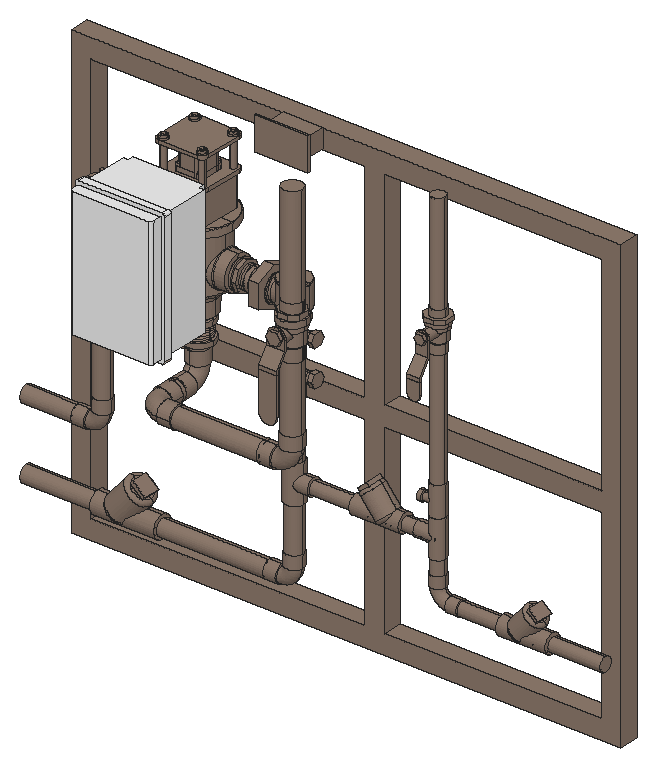
Revit family "Mixing_Valve-Leonard_Valve_Company-NV_150_LF_IF_R100-1", category Pipe Accessories, Revit 2015 (continued)
Definition of nested family "Fitting-Elbow_Leonard-Valve-Company"
  Forms (in)
    Revolve 2, solid, material <- "Material", detail levels fine
      sketch origin (-0.78125, 0, -0.77875) x (1, 0, 0) y (0, 0, 1)
        loop
          line (-1.1268, 1.34716) -> (0.00501, 1.34716) -> (0.00501, 2.6893) -> (-1.1268, 2.6893) -> (-1.1268, 1.34716)
        axis (0.00501, 2.6893) -> (0.00501, 1.34716)
      angle from 0 to 360
    Sweep 3, solid, material <- "Material", detail levels fine
      path origin (-0.78125, 0, -0.77875) x (1, 0, 0) y (0, 0, 1)
        loop
          arc (0.00501, 1.34716) -> (0.39958, 0.39457) -> (1.35216, 0) r 1.34716
      profile "Fitting-Profile : Fitting-Profile" origin (-0.38167, 0, -0.38417) x (0.707107, 0, 0.707107) y (0, -1, 0)
        loop
          circle (0, 0) r 1.03
  Lines and regions (in)
    model lines, detail levels coarse+medium
      curve 1: line (-1.90805, 0, 1.91056) -> (0.35557, 0, 1.91056)
      curve 2: line (1.90805, 0, 0.35306) -> (1.90805, 0, -1.91056)
      curve 3: line (-0.77624, 0, 1.91056) -> (-0.77624, 0, 0.56841)
      curve 4: line (1.90805, 0, -0.77875) -> (0.57091, 0, -0.77875)
      curve 5: arc (-0.77624, 0, 0.56841) -> (-0.38167, 0, -0.38417) -> (0.57091, 0, -0.77875) r 1.34716
  Dimensions and locks (in)
    "Elbow Lenght": plane 6 to plane 8
    "Elbow Lenght": plane 7 to plane 9
    "Elbow Top": plane 11 to plane 8
    "Elbow Top": plane 10 to plane 9
    equal spacing: plane 10, plane 12, plane 9
    equal spacing: plane 11, plane 13, plane 8
    equal spacing: plane 5, plane 2, plane 8
    equal spacing: plane 4, plane 3 "Center (Left/Right)", plane 9
    "Height": plane 5 to plane 8
    "Width": plane 4 to plane 9
    aligned and locked: level to plane 2
    aligned and locked: plane 4 to Revolve 1 sketch curve
    aligned and locked: Revolve 2 sketch curve to plane 5
    aligned and locked: Revolve 1 sketch curve to plane 7
    aligned and locked: curve 1 to plane 5
    aligned and locked: Revolve 2 sketch curve to plane 12  (x2)
    aligned and locked: plane 6 to Revolve 2 sketch curve
    aligned and locked: Revolve 1 sketch curve to plane 13  (x2)
    aligned and locked: Revolve 1 sketch curve to plane 11
    aligned and locked: plane 9 to Revolve 2 sketch curve
    aligned and locked: plane 6 to Sweep 3 sketch curve
    aligned and locked: plane 7 to Sweep 3 sketch curve
    aligned and locked: plane 9 to curve 1
    aligned and locked: plane 10 to curve 1
    aligned and locked: curve 2 to plane 4
    aligned and locked: plane 11 to curve 2
    aligned and locked: plane 8 to curve 2
    aligned and locked: plane 4 to curve 4
    aligned and locked: plane 13 to curve 4
    aligned and locked: plane 6 to curve 5
    aligned and locked: plane 5 to curve 3
    aligned and locked: curve 3 to plane 12
    aligned and locked: plane 12 to curve 5
    aligned and locked: plane 7 to curve 4
    aligned and locked: plane 13 to curve 5
  Automatic sketch dimensions
    Revolve 1 sketch curve to plane 9 = 58.1854"
    plane 4 to Revolve 1 sketch curve = 69.71809"
    plane 8 to Revolve 2 sketch curve = 13.2794"
    plane 5 to Revolve 2 sketch curve = 84.48845"
    Sweep 3 sketch curve to plane 12 = 0.0000"
Definition of nested family "Fitting-Tee_NV-150-LF-IF-R100_Upper"
  Parameters (values of type "Fitting-Tee_NV-150-LF-IF-R100_Upper")
    Material = none
  Reference planes (in)
    plane 1 "Center (Front/Back)": y = 0
    plane 2: z = 0
    plane 3 "Center (Left/Right)": x = 0
    plane 4: z = 0.86
    plane 5: z = -1.92
    plane 6: x = -1.57093
    plane 7: x = -1.94233
  Forms (in)
    Revolve 1, solid, material <- "Material", detail levels fine
      sketch origin (0, 0, 0) x (1, 0, 0) y (0, 0, 1)
        loop
          line (0, 0.86) -> (-0.685, 0.86) -> (-0.685, -0.56) -> (-0.745, -0.82) -> (-0.745, -1.92) -> (0, -1.92) -> (0, 0.86)
        axis (0, 0.86) -> (0, -1.92)
      angle from 0 to 360
    Revolve 2, solid, material <- "Material", detail levels fine
      sketch origin (0, 0, 0) x (1, 0, 0) y (0, 0, 1)
        loop
          line (0, 0.3714) -> (-0.90843, 0.3714) -> (-0.90843, 0.31117) -> (-1.33002, 0.31117) -> (-1.33002, 0.45672) -> (-1.57093, 0.45672) -> (-1.57093, 0) -> (0, 0) -> (0, 0.3714)
        axis (-1.57093, 0) -> (0, 0)
      angle from 0 to 360
    Sweep 3, solid, material <- "Material", detail levels fine
      path origin (0, 0, 0) x (1, 0, 0) y (0, 0, 1)
        loop
          line (-1.94233, 0) -> (-1.57093, 0)
      profile origin (-1.75663, 0, 0) x (0, 0, 1) y (0, -1, 0)
        loop
          line (0.52197, 0.30136) -> (0, 0.60272) -> (-0.52197, 0.30136) -> (-0.52197, -0.30136) -> (0, -0.60272) -> (0.52197, -0.30136) -> (0.52197, 0.30136)
  Cuts and joins
    joined: Revolve 1, Revolve 2, Sweep 3
  Lines and regions (in)
    model lines, detail levels coarse+medium
      curve 1: line (0, 0, 0.86) -> (0, 0, -1.92)
      curve 2: line (-0.75284, 0, -1.92) -> (0.75284, 0, -1.92)
      curve 3: line (-0.68759, 0, 0.86) -> (0.68759, 0, 0.86)
      curve 4: line (0, 0, 0) -> (-1.94233, 0, 0)
      curve 5: line (-1.94233, 0, 0.31117) -> (-1.94233, 0, -0.31117)
  Dimensions and locks (in)
    aligned and locked: level to plane 2
    aligned and locked: Revolve 1 sketch curve to plane 3 "Center (Left/Right)"
    aligned and locked: Revolve 2 sketch curve to plane 2
    aligned and locked: Sweep 3 sketch curve to plane 2
    aligned and locked: plane 6 to Sweep 3 sketch curve
    aligned and locked: plane 7 to Sweep 3 sketch curve
    aligned and locked: plane 2 to curve 4
    aligned and locked: curve 1 to plane 3 "Center (Left/Right)"
    aligned and locked: curve 3 to plane 4
    aligned and locked: curve 2 to plane 5
    aligned and locked: Revolve 1 sketch curve to plane 5
    aligned and locked: plane 4 to Revolve 1 sketch curve
    aligned and locked: plane 3 "Center (Left/Right)" to Revolve 1 sketch curve
    aligned and locked: plane 7 to curve 5
Definition of nested family "Fitting-Tee_NV-150-LF-IF-R100_Bottom"
  Parameters (values of type "Fitting-Tee_NV-150-LF-IF-R100_Bottom")
    Material = none
  Reference planes (in)
    plane 1 "Center (Front/Back)": y = 0
    plane 2: z = 0
    plane 3 "Center (Left/Right)": x = 0
    plane 4: z = 1.1
    plane 5: z = -1.92
    plane 6: x = -1.57093
    plane 7: x = -1.94233
  Forms (in)
    Revolve 1, solid, material <- "Material", detail levels fine
      sketch origin (0, 0, 0) x (1, 0, 0) y (0, 0, 1)
        loop
          line (0, 1.1) -> (-0.685, 1.1) -> (-0.685, -0.56) -> (-0.745, -0.82) -> (-0.745, -1.92) -> (0, -1.92) -> (0, 1.1)
        axis (0, 1.1) -> (0, -1.92)
      angle from 0 to 360
    Revolve 2, solid, material <- "Material", detail levels fine
      sketch origin (0, 0, 0) x (1, 0, 0) y (0, 0, 1)
        loop
          line (0, 0.3714) -> (-0.90843, 0.3714) -> (-0.90843, 0.31117) -> (-1.33002, 0.31117) -> (-1.33002, 0.45672) -> (-1.57093, 0.45672) -> (-1.57093, 0) -> (0, 0) -> (0, 0.3714)
        axis (-1.57093, 0) -> (0, 0)
      angle from 0 to 360
    Sweep 3, solid, material <- "Material", detail levels fine
      path origin (0, 0, 0) x (1, 0, 0) y (0, 0, 1)
        loop
          line (-1.94233, 0) -> (-1.57093, 0)
      profile origin (-1.75663, 0, 0) x (0, 0, 1) y (0, -1, 0)
        loop
          line (0.52197, 0.30136) -> (0, 0.60272) -> (-0.52197, 0.30136) -> (-0.52197, -0.30136) -> (0, -0.60272) -> (0.52197, -0.30136) -> (0.52197, 0.30136)
  Cuts and joins
    joined: Revolve 1, Revolve 2, Sweep 3
  Lines and regions (in)
    model lines, detail levels coarse+medium
      curve 1: line (0, 0, 1.1) -> (0, 0, -1.92)
      curve 2: line (-0.75284, 0, -1.92) -> (0.75284, 0, -1.92)
      curve 3: line (-0.68759, 0, 1.1) -> (0.68759, 0, 1.1)
      curve 4: line (0, 0, 0) -> (-1.94233, 0, 0)
      curve 5: line (-1.94233, 0, 0.31117) -> (-1.94233, 0, -0.31117)
  Dimensions and locks (in)
    aligned and locked: level to plane 2
    aligned and locked: Revolve 1 sketch curve to plane 3 "Center (Left/Right)"
    aligned and locked: Revolve 2 sketch curve to plane 2
    aligned and locked: Sweep 3 sketch curve to plane 2
    aligned and locked: plane 6 to Sweep 3 sketch curve
    aligned and locked: plane 7 to Sweep 3 sketch curve
    aligned and locked: plane 2 to curve 4
    aligned and locked: curve 1 to plane 3 "Center (Left/Right)"
    aligned and locked: curve 3 to plane 4
    aligned and locked: curve 2 to plane 5
    aligned and locked: Revolve 1 sketch curve to plane 5
    aligned and locked: plane 4 to Revolve 1 sketch curve
    aligned and locked: plane 3 "Center (Left/Right)" to Revolve 1 sketch curve
    aligned and locked: plane 7 to curve 5
Definition of nested family "Valve-Check_Leonard-Valve-Company"
  Parameters (values of type "Valve-Check_Leonard-Valve-Company_1.5")
    Width = 5.2930"
    Top Width = 1.0230"
    Reduction Width = 2.4520"
    Reduction Top Height = 3.3800"
    Reduction Position = 1.7860"
    Reduction Height = 3.0310"
    Position = 1.4660"
    Material = none
    Corner Radious = 0.2650"
    Pipe Diameter = 1.8040"
    Diemeter = 1.5000"
  Types (6): name | Width | Top Width | Reduction Width | Reduction Top Height | Reduction Position | Reduction Height | Position | Corner Radious | Pipe Diameter | Diemeter
    (no name) | 5.2930" | 1.0230" | 2.4520" | 3.3800" | 1.7860" | 3.0310" | 1.4660" | 0.2650" | 1.8040" | 1.5000"
    Valve-Check_Leonard-Valve-Company_1.25 | 5.3440" | 1.3900" | 2.4790" | 3.4600" | 1.7930" | 3.1100" | 1.3700" | 0.30882" | 1.8220" | 1.2500"
    Valve-Check_Leonard-Valve-Company_1.0 | 4.1190" | 1.0230" | 1.9350" | 2.8090" | 2.23846" | 2.5050" | 1.4660" | 0.2650" | 1.5690" | 1.0000"
    Valve-Check_Leonard-Valve-Company_1.5 | 5.2930" | 1.0230" | 2.4520" | 3.3800" | 1.7860" | 3.0310" | 1.4660" | 0.2650" | 1.8040" | 1.5000"
    Valve-Check_Leonard-Valve-Company_2.0 | 6.5040" | 1.6950" | 3.0770" | 4.1600" | 1.2840" | 3.8090" | 1.2660" | 0.2530" | 2.5550" | 2.0000"
    Valve-Check_Leonard-Valve-Company_3.0 | 6.5040" | 1.6950" | 3.0770" | 4.1600" | 1.2840" | 3.8090" | 1.2660" | 0.2530" | 2.5550" | 3.0000"
  Reference planes (in)
    plane 1 "Center (Front/Back)": y = 0
    plane 2: z = 0
    plane 3 "Center (Left/Right)": x = 0
    plane 4: x = -2.6465
    plane 5: x = 2.6465
    plane 6: z = 0.902
    plane 7: z = -0.902
    plane 8: through (0.87672, -60, 2.19376) normal (-0.766, 0, 0.6428)
    plane 9: through (0.68118, -60, 3.09219) normal (0.6428, 0, 0.766)
    plane 10: through (1.51453, -60, 1.93734) normal (0.6428, 0, 0.766)
    plane 11: through (-0.42304, -60, -0.39354) normal (0.6428, 0, 0.766)
    plane 12: through (3.52252, -60, 3.43958) normal (-0.766, 0, 0.6428)
    plane 13: through (2.76859, -60, 3.65265) normal (-0.766, 0, 0.6428)
    plane 14: through (1.98493, -60, 4.31023) normal (-0.766, 0, 0.6428)
    plane 15: through (2.44756, -60, -0.82392) normal (0.6428, 0, 0.766)
    plane 16: through (1.64418, -60, 5.0157) normal (-0.766, 0, 0.6428)
    plane 17: through (3.31952, -60, 3.60992) normal (-0.766, 0, 0.6428)
    plane 18: through (-0.232, -60, -0.20791) normal (0.6428, 0, 0.766)
    plane 19: through (1.37561, -60, 1.70797) normal (0.6428, 0, 0.766)
    plane 20: through (-1.38876, -60, -1.49693) normal (0.6428, 0, 0.766)
    plane 21: through (0.30643, -60, 6.19996) normal (-0.766, 0, 0.6428)
  Forms (in)
    Sweep 1, solid, material <- "Material", detail levels fine
      path origin (0, 0, 0) x (1, 0, 0) y (0, 0, 1)
        loop
          line (-2.6465, 0) -> (2.6465, 0)
      profile "Fitting-Profile : Fitting-Profile" origin (0, 0, 0) x (0, 0, 1) y (0, -1, 0)
        loop
          circle (0, 0) r 0.902
    Sweep 2, solid, material <- "Material", detail levels fine
      path origin (0, 0, 0) x (1, 0, 0) y (0, 0, 1)
        loop
          line (1.01398, 2.35734) -> (1.23831, 2.62469)
      profile origin (1.12615, 0, 2.49102) x (-0.766044, 0, 0.642788) y (0, -1, 0)
        loop
          line (0.5115, 0.695) -> (-0.5115, 0.695) -> (-0.5115, -0.695) -> (0.5115, -0.695) -> (0.5115, 0.695)
    Revolve 3, solid, material <- "Material", detail levels fine
      sketch origin (0, 0, 0) x (1, 0, 0) y (0, 0, 1)
        loop
          line (1.01398, 2.35734) -> (-0.93431, 0.03546) -> (-0.19814, -0.58226)
          arc (-0.19814, -0.58226) -> (-0.0047, -0.64325) -> (0.1752, -0.54959) r 0.265
          line (0.1752, -0.54959) -> (1.78281, 1.36629)
          arc (1.78281, 1.36629) -> (1.8438, 1.55972) -> (1.75015, 1.73963) r 0.265
          line (1.75015, 1.73963) -> (1.01398, 2.35734)
        axis (-0.93431, 0.03546) -> (1.01398, 2.35734)
      angle from 0 to 360
  Cuts and joins
    joined: Sweep 1, Revolve 3
  Lines and regions (in)
    model lines, detail levels coarse+medium
      curve 1: line (-2.6465, 0, 0) -> (2.6465, 0, 0)
      curve 4: line (0.84648, 0, 2.95348) -> (1.63015, 0, 2.29591)
    model lines
      curve 2: line (-2.6465, 0, 0.902) -> (-2.6465, 0, -0.902)
      curve 3: line (2.6465, 0, 0.902) -> (2.6465, 0, -0.902)
      curve 5: line (1.23831, 0, 2.62469) -> (-0.96407, 0, 0)
  Dimensions and locks (in)
    "Width": plane 5 to plane 4
    equal spacing: plane 5, plane 3 "Center (Left/Right)", plane 4
    equal spacing: plane 6, plane 2, plane 7
    "Pipe Diameter": plane 6 to plane 7
    "Reduction Height": plane 10 to plane 11
    equal spacing: plane 10, plane 15, plane 11
    "Top Width": plane 13 to plane 14
    equal spacing: plane 16, plane 8, plane 12
    "Reduction Width": plane 16 to plane 12
    equal spacing: plane 13, plane 8, plane 14
    "Reduction Top Height": plane 9 to plane 11
    "Corner Radious": plane 17 to plane 12
    "Corner Radious": plane 10 to plane 19
    "Corner Radious": plane 18 to plane 11
    "Position": plane 11 to plane 20
    "Reduction Position": plane 16 to plane 21
    aligned and locked: level to plane 2
    aligned and locked: Sweep 1 sketch curve to plane 2
    aligned and locked: plane 4 to Sweep 1 sketch curve
    aligned and locked: plane 5 to Sweep 1 sketch curve
    aligned and locked: curve 1 to plane 2
    aligned and locked: plane 4 to curve 1
    aligned and locked: plane 5 to curve 1
    aligned and locked: plane 9 to Sweep 2 sketch curve
    aligned and locked: Sweep 2 sketch curve to plane 8
    aligned and locked: plane 10 to Sweep 2 sketch curve
    aligned and locked: plane 14 to Sweep 2 sketch curve
    aligned and locked: plane 13 to Sweep 2 sketch curve
    aligned and locked: curve 4 to plane 9
    aligned and locked: curve 2 to plane 4
    aligned and locked: plane 6 to curve 2
    aligned and locked: plane 7 to curve 2
    aligned and locked: plane 6 to curve 3
    aligned and locked: curve 3 to plane 5
    aligned and locked: plane 7 to curve 3
    aligned and locked: plane 12 to Revolve 3 sketch curve  (x2)
    aligned and locked: Revolve 3 sketch curve to plane 8  (x2)
    aligned and locked: Revolve 3 sketch curve to plane 10
    aligned and locked: plane 11 to Revolve 3 sketch curve
    aligned and locked: plane 18 to Revolve 3 sketch curve
    aligned and locked: plane 17 to Revolve 3 sketch curve  (x2)
    aligned and locked: plane 10 to Revolve 3 sketch curve
    aligned and locked: plane 19 to Revolve 3 sketch curve
    aligned and locked: plane 8 to curve 5  (x2)
    aligned and locked: plane 9 to curve 5
  Automatic sketch dimensions
    Sweep 2 sketch curve to plane 1 "Center (Front/Back)" = 0.6950"
    plane 1 "Center (Front/Back)" to Sweep 2 sketch curve = 0.6950"
    Revolve 3 sketch curve to plane 18 = 0.0000"
    plane 19 to Revolve 3 sketch curve = 0.0000"
    Revolve 3 sketch curve to level = 0.21961"
    Revolve 3 sketch curve to plane 5 = 0.24834"
    curve 4 to plane 14 = 0.0000"
    plane 13 to curve 4 = 0.0000"
  Connectors (in)
    piping at (-2.6465, 0, 0), diameter 1.5, driven by "Diemeter"
      settings: on cut or joined group of Sweep 1, Revolve 3, index 1, connector inside diameter 609.6 mm, connector length 0.0000", flow factor 0, pipe flow 0.0 L/s, pressure drop 0.0 Pa, fitting loss kfactor 0, connector angle 0.00°, fixture units 0, engagement length 0.0000", angle of deflection 0.00°, flow configuration 0, flow direction 0, fitting loss method 0, system type 7, joint type 0, gender type 0, connector reference index -1, connector utility 0, adjustable connector no, is connector primary yes, connector description ""
    piping at (2.6465, 0, 0), diameter 1.5, driven by "Diemeter"
      settings: on cut or joined group of Sweep 1, Revolve 3, index 2, connector inside diameter 609.6 mm, connector length 0.0000", flow factor 0, pipe flow 0.0 L/s, pressure drop 0.0 Pa, fitting loss kfactor 0, connector angle 0.00°, fixture units 0, engagement length 0.0000", angle of deflection 0.00°, flow configuration 0, flow direction 0, fitting loss method 0, system type 7, joint type 0, gender type 0, connector reference index -1, connector utility 0, adjustable connector no, is connector primary no, connector description ""
Definition of nested family "Fitting-Tee_NV-150-LF-IF-R100_Middle"
  Parameters (values of type "Fitting-Tee_NV-150-LF-IF-R100_Middle")
    Material = none
  Reference planes (in)
    plane 1 "Center (Front/Back)": y = 0
    plane 2: z = 0
    plane 3 "Center (Left/Right)": x = 0
    plane 4: z = 1.47
    plane 5: z = -1
    plane 6: x = -1.445
  Forms (in)
    Revolve 1, solid, material <- "Material", detail levels fine
      sketch origin (0, 0, 0) x (1, 0, 0) y (0, 0, 1)
        loop
          line (0, 1.47) -> (-0.605, 1.47) -> (-0.605, -1) -> (0, -1) -> (0, 1.47)
        axis (0, 1.47) -> (0, -1)
      angle from 0 to 360
    Revolve 2, solid, material <- "Material", detail levels fine
      sketch origin (0, 0, 0) x (1, 0, 0) y (0, 0, 1)
        loop
          line (0, 0.32) -> (-1.125, 0.32) -> (-1.125, 0.42) -> (-1.445, 0.42) -> (-1.445, 0) -> (0, 0) -> (0, 0.32)
        axis (-1.445, 0) -> (0, 0)
      angle from 0 to 360
  Cuts and joins
    joined: Revolve 1, Revolve 2
  Lines and regions (in)
    model lines, detail levels coarse+medium
      curve 1: line (0, 0, 1.47) -> (0, 0, -1)
      curve 2: line (-0.605, 0, -1) -> (0.605, 0, -1)
      curve 3: line (-0.605, 0, 1.47) -> (0.605, 0, 1.47)
      curve 4: line (0, 0, 0) -> (-1.445, 0, 0)
      curve 5: line (-1.445, 0, 0.31117) -> (-1.445, 0, -0.31117)
  Dimensions and locks (in)
    aligned and locked: level to plane 2
    aligned and locked: Revolve 1 sketch curve to plane 3 "Center (Left/Right)"
    aligned and locked: Revolve 2 sketch curve to plane 2  (x2)
    aligned and locked: plane 2 to curve 4
    aligned and locked: curve 1 to plane 3 "Center (Left/Right)"
    aligned and locked: curve 3 to plane 4
    aligned and locked: curve 2 to plane 5
    aligned and locked: Revolve 1 sketch curve to plane 5
    aligned and locked: plane 4 to Revolve 1 sketch curve
    aligned and locked: plane 3 "Center (Left/Right)" to Revolve 1 sketch curve
    aligned and locked: plane 6 to Revolve 2 sketch curve
    aligned and locked: plane 3 "Center (Left/Right)" to Revolve 2 sketch curve
    aligned and locked: plane 6 to curve 5
Definition of nested family "Valve-Ball_Leonard-Valve-Company_R1.0"
  Parameters (values of type "Valve-Ball_Leonard-Valve-Company_R1.0")
    Material = none
  Reference planes (in)
    plane 1 "Center (Front/Back)": y = 0
    plane 2: z = 0
    plane 3 "Center (Left/Right)": x = 0
    plane 4: z = -2.65924
    plane 5: z = 1.7775
    plane 6: y = -1.71263
    plane 7: y = -1.9851
    plane 8: x = -0.50867
    plane 9: x = 0.50867
    plane 10: y = -1.61563
    plane 11: z = -7.10186
    plane 12: y = -2.488
    plane 13: y = -2.585
    plane 14: z = -1.00013
    plane 15: z = -0.02214
    plane 16: z = -0.51114
    plane 17: z = -0.33084
    plane 18: x = 0.66752
    plane 19: x = -0.535
    plane 20: z = 0.8875
    plane 21: z = 1.1975
    plane 22: x = -0.745
    plane 23: x = 0.97
    plane 24: z = 0.10272
  Forms (in)
    Revolve 1, solid, material <- "Material"
      sketch origin (0, 0, 0) x (0, 1, 0) y (0, 0, 1)
        loop
          line (-1.61563, 0.10272) -> (0, 0.10272) -> (0, 0.58027) -> (-1.49595, 0.58027) -> (-1.49595, 0.42947) -> (-1.61563, 0.42947) -> (-1.61563, 0.10272)
        axis (0, 0.10272) -> (-1.61563, 0.10272)
      angle from 0 to 360
    Sweep 2, solid, material <- "Material"
      path origin (0, 0, 0) x (0, 1, 0) y (0, 0, 1)
        loop
          line (-1.71263, 0) -> (-1.9851, 0)
      profile origin (0, -1.84886, 0) x (0, 0, -1) y (1, 0, 0)
        loop
          line (-0.4975, -0.22793) -> (-0.10272, -0.45586) -> (0.29207, -0.22793) -> (0.29207, 0.22793) -> (-0.10272, 0.45586) -> (-0.4975, 0.22793) -> (-0.4975, -0.22793)
    Sweep 3, solid, material <- "Material"
      path origin (0, 0, -0.33041) x (0, 1, 0) y (0, 0, 1)
        loop
          line (-1.61563, -0.00043) -> (-1.71263, -0.00043)
      profile origin (0, -1.66413, -0.33084) x (0, 0, -1) y (1, 0, 0)
        loop
          line (0.92166, -0.535) -> (0.92166, 0.535) -> (-0.4347, 0.535)
          arc (-0.4347, 0.535) -> (-0.9697, 0) -> (-0.4347, -0.535) r 0.535
          line (-0.4347, -0.535) -> (0.92166, -0.535)
    Sweep 4, solid, material <- "Material"
      path origin (0, 0, -0.33041) x (0, 1, 0) y (0, 0, 1)
        loop
          line (-2.488, -2.08706) -> (-2.585, -2.08706)
      profile origin (0, -2.5365, -2.41747) x (0, 0, -1) y (1, 0, 0)
        loop
          line (0.25237, 0.535) -> (0.25237, -0.535) -> (1.27003, -0.535)
          arc (1.27003, -0.535) -> (1.80503, 0) -> (1.27003, 0.535) r 0.535
          line (1.27003, 0.535) -> (0.25237, 0.535)
    Extrusion 5, solid, material <- "Material"
      sketch origin (0, 0, -0.58278) x (0, 1, 0) y (0, 0, 1)
        loop
          line (-1.61563, -0.66972) -> (-1.61563, -0.63726) -> (-1.71263, -0.63726) -> (-2.585, -1.79494) -> (-2.585, -2.08706) -> (-2.488, -2.08706) -> (-2.488, -1.8274) -> (-1.61563, -0.66972)
      from -0.535 to 0.535
    Revolve 6, solid, material <- "Material"
      sketch origin (0, 0, 0) x (1, 0, 0) y (0, 0, 1)
        loop
          line (0, 1.7775) -> (0, 1.1975) -> (0.645, 1.1975) -> (0.645, 1.7775) -> (0, 1.7775)
        axis (0, 1.7775) -> (0, 1.1975)
      angle from 0 to 360
    Sweep 7, solid, material <- "Material"
      path origin (0, 0, 0) x (1, 0, 0) y (0, 0, 1)
        loop
          line (0, 1.1975) -> (0, 0.8875)
      profile origin (0, 0, 1.0425) x (0, -1, 0) y (1, 0, 0)
        loop
          line (-0.40179, -0.97) -> (0.40179, -0.97) -> (0.97, -0.40179) -> (0.97, 0.40179) -> (0.40179, 0.97) -> (-0.40179, 0.97) -> (-0.97, 0.40179) -> (-0.97, -0.40179) -> (-0.40179, -0.97)
    Revolve 8, solid, material <- "Material"
      sketch origin (0, 0, 0) x (1, 0, 0) y (0, 0, 1)
        loop
          line (0, 0.8875) -> (-0.905, 0.8875) -> (-0.905, 0.5175) -> (-0.825, 0.5175) -> (-0.825, 0.1975) -> (-0.755, 0.1975) -> (-0.755, -0.6725) -> (-0.645, -0.7825) -> (-0.645, -1.5725) -> (0, -1.5725) -> (0, 0.8875)
        axis (0, 0.8875) -> (0, -1.5725)
      angle from 0 to 360
  Cuts and joins
    joined: Sweep 3, Extrusion 5
  Lines and regions (in)
    model lines
      curve 1: line (0, -2.488, -2.08706) -> (0, -2.585, -2.08706)
  Dimensions and locks (in)
    aligned and locked: level to plane 2
    aligned and locked: plane 7 to Sweep 2 sketch curve
    aligned and locked: plane 6 to Sweep 2 sketch curve
    aligned and locked: Sweep 2 sketch curve to plane 2
    aligned and locked: plane 10 to Sweep 3 sketch curve
    aligned and locked: plane 6 to Sweep 3 sketch curve
    aligned and locked: plane 12 to Sweep 4 sketch curve
    aligned and locked: plane 13 to Sweep 4 sketch curve
    aligned and locked: plane 5 to Revolve 6 sketch curve
    aligned and locked: plane 3 "Center (Left/Right)" to Revolve 6 sketch curve
    aligned and locked: Revolve 6 sketch curve to plane 3 "Center (Left/Right)"
    aligned and locked: Revolve 1 sketch curve to plane 1 "Center (Front/Back)"
    aligned and locked: plane 10 to Revolve 1 sketch curve
    aligned and locked: Sweep 3 sketch curve to plane 17
    aligned and locked: Extrusion 5 sketch curve to plane 10
    aligned and locked: Extrusion 5 sketch curve to plane 13
    aligned and locked: Extrusion 5 sketch curve to plane 12
    aligned and locked: cut or joined group of Sweep 3, Extrusion 5 to plane 19
    aligned and locked: plane 21 to Sweep 7 sketch curve
    aligned and locked: Sweep 7 sketch curve to plane 3 "Center (Left/Right)"
    aligned and locked: plane 20 to Sweep 7 sketch curve
    aligned and locked: plane 24 to Revolve 1 sketch curve
    aligned and locked: Revolve 1 sketch curve to plane 24
Definition of nested family "Valve-Ball_Leonard-Valve-Company_R1.25"
  Parameters (values of type "Valve-Ball_Leonard-Valve-Company")
    Material = none
  Reference planes (in)
    plane 1 "Center (Front/Back)": y = 0
    plane 2: z = 0
    plane 3 "Center (Left/Right)": x = 0
    plane 4: z = -2.65924
    plane 5: z = 1.7775
    plane 6: y = -1.71263
    plane 7: y = -1.9851
    plane 8: x = -0.50867
    plane 9: x = 0.50867
    plane 10: y = -1.61563
    plane 11: z = -7.10186
    plane 12: y = -2.488
    plane 13: y = -2.585
    plane 14: z = -1.00013
    plane 15: z = -0.02214
    plane 16: z = -0.51114
    plane 17: z = -0.33084
    plane 18: x = 0.66752
    plane 19: x = -0.73
    plane 20: z = 0.6075
    plane 21: z = 1.0175
    plane 22: x = -0.97
    plane 23: x = 0.97
  Forms (in)
    Revolve 1, solid, material <- "Material"
      sketch origin (0, 0, 0) x (0, 1, 0) y (0, 0, 1)
        loop
          line (-1.61563, -0.51114) -> (0, -0.51114) -> (0, 0.04183) -> (-1.49595, 0.04183) -> (-1.49595, -0.10898) -> (-1.61563, -0.10898) -> (-1.61563, -0.51114)
        axis (0, -0.51114) -> (-1.61563, -0.51114)
      angle from 0 to 360
    Sweep 2, solid, material <- "Material"
      path origin (0, 0, 0) x (0, 1, 0) y (0, 0, 1)
        loop
          line (-1.71263, 0) -> (-1.9851, 0)
      profile origin (0, -1.84886, 0) x (0, 0, -1) y (1, 0, 0)
        loop
          line (-0.0975, -0.30022) -> (0.4225, -0.60044) -> (0.9425, -0.30022) -> (0.9425, 0.30022) -> (0.4225, 0.60044) -> (-0.0975, 0.30022) -> (-0.0975, -0.30022)
    Sweep 3, solid, material <- "Material"
      path origin (0, 0, -0.33041) x (0, 1, 0) y (0, 0, 1)
        loop
          line (-1.61563, -0.00043) -> (-1.71263, -0.00043)
      profile origin (0, -1.66413, -0.33084) x (0, 0, -1) y (1, 0, 0)
        loop
          line (0.92166, -0.73) -> (0.92166, 0.73) -> (0.10422, 0.73)
          arc (0.10422, 0.73) -> (-0.62578, 0) -> (0.10422, -0.73) r 0.73
          line (0.10422, -0.73) -> (0.92166, -0.73)
    Sweep 4, solid, material <- "Material"
      path origin (0, 0, -0.33041) x (0, 1, 0) y (0, 0, 1)
        loop
          line (-2.488, -2.08706) -> (-2.585, -2.08706)
      profile origin (0, -2.5365, -2.41747) x (0, 0, -1) y (1, 0, 0)
        loop
          line (0.25237, 0.73) -> (0.25237, -0.73) -> (3.44503, -0.73)
          arc (3.44503, -0.73) -> (4.17503, 0) -> (3.44503, 0.73) r 0.73
          line (3.44503, 0.73) -> (0.25237, 0.73)
    Extrusion 5, solid, material <- "Material"
      sketch origin (0, 0, -0.58278) x (0, 1, 0) y (0, 0, 1)
        loop
          line (-1.61563, -0.66972) -> (-1.61563, -0.63726) -> (-1.71263, -0.63726) -> (-2.585, -1.79494) -> (-2.585, -2.08706) -> (-2.488, -2.08706) -> (-2.488, -1.8274) -> (-1.61563, -0.66972)
      from -0.73 to 0.73
    Revolve 6, solid, material <- "Material"
      sketch origin (0, 0, 0) x (1, 0, 0) y (0, 0, 1)
        loop
          line (0, 1.7775) -> (0, 1.0175) -> (0.84, 1.0175) -> (0.84, 1.7775) -> (0, 1.7775)
        axis (0, 1.7775) -> (0, 1.0175)
      angle from 0 to 360
    Sweep 7, solid, material <- "Material"
      path origin (0, 0, 0) x (1, 0, 0) y (0, 0, 1)
        loop
          line (0, 1.0175) -> (0, 0.6075)
      profile origin (0, 0, 0.8125) x (0, -1, 0) y (1, 0, 0)
        loop
          line (-0.40179, -0.97) -> (0.40179, -0.97) -> (0.97, -0.40179) -> (0.97, 0.40179) -> (0.40179, 0.97) -> (-0.40179, 0.97) -> (-0.97, 0.40179) -> (-0.97, -0.40179) -> (-0.40179, -0.97)
    Revolve 8, solid, material <- "Material"
      sketch origin (0, 0, 0) x (1, 0, 0) y (0, 0, 1)
        loop
          line (0, 0.6075) -> (-1.17, 0.6075) -> (-1.17, 0.1175) -> (-1.07, 0.1175) -> (-1.07, -0.3025) -> (-0.97, -0.3025) -> (-0.97, -1.4525) -> (-0.84, -1.5825) -> (-0.84, -2.6325) -> (0, -2.6325) -> (0, 0.6075)
        axis (0, 0.6075) -> (0, -2.6325)
      angle from 0 to 360
  Cuts and joins
    joined: Sweep 3, Extrusion 5
  Lines and regions (in)
    model lines
      curve 1: line (0, -2.488, -2.08706) -> (0, -2.585, -2.08706)
  Dimensions and locks (in)
    aligned and locked: level to plane 2
    aligned and locked: plane 7 to Sweep 2 sketch curve
    aligned and locked: plane 6 to Sweep 2 sketch curve
    aligned and locked: Sweep 2 sketch curve to plane 2
    aligned and locked: plane 10 to Sweep 3 sketch curve
    aligned and locked: plane 6 to Sweep 3 sketch curve
    aligned and locked: plane 12 to Sweep 4 sketch curve
    aligned and locked: plane 13 to Sweep 4 sketch curve
    aligned and locked: plane 5 to Revolve 6 sketch curve
    aligned and locked: plane 3 "Center (Left/Right)" to Revolve 6 sketch curve
    aligned and locked: Revolve 6 sketch curve to plane 3 "Center (Left/Right)"
    aligned and locked: Revolve 1 sketch curve to plane 16
    aligned and locked: plane 16 to Revolve 1 sketch curve
    aligned and locked: Revolve 1 sketch curve to plane 1 "Center (Front/Back)"
    aligned and locked: plane 10 to Revolve 1 sketch curve
    aligned and locked: Sweep 3 sketch curve to plane 17
    aligned and locked: Extrusion 5 sketch curve to plane 10
    aligned and locked: Extrusion 5 sketch curve to plane 13
    aligned and locked: Extrusion 5 sketch curve to plane 12
    aligned and locked: cut or joined group of Sweep 3, Extrusion 5 to plane 19
    aligned and locked: plane 21 to Sweep 7 sketch curve
    aligned and locked: Sweep 7 sketch curve to plane 3 "Center (Left/Right)"
    aligned and locked: plane 20 to Sweep 7 sketch curve
Definition of nested family "Fitting-Tee_Leonard-Valve-Company"
  Parameters (values of type "Fitting-Tee_Leonard-Valve-Company_4.0")
    Width = 6.5120"
    Pipe Diemater 02 = 4.3390"
    Pipe Diameter 01 = 2.2600"
    Material = none
    Height = 5.6700"
    Diameter 02 = 4.0000"
    Diameter 01 = 2.0000"
  Types (6): name | Width | Pipe Diemater 02 | Pipe Diameter 01 | Height | Diameter 02 | Diameter 01
    (no name) | 6.5120" | 4.3390" | 2.2600" | 5.6700" | 4.0000" | 2.0000"
    Fitting-Tee_Leonard-Valve-Company_1.0 | 3.05668" | 1.2340" | 1.2340" | 2.21113" | 1.0000" | 1.0000"
    Fitting-Tee_Leonard-Valve-Company_1.25_01 | 3.1380" | 1.6140" | 1.3920" | 2.4620" | 1.2500" | 1.0000"
    Fitting-Tee_Leonard-Valve-Company_2.0 | 4.2270" | 2.2540" | 1.5020" | 3.0150" | 2.0000" | 1.2500"
    Fitting-Tee_Leonard-Valve-Company_1.25_02 | 3.4050" | 1.4720" | 1.4720" | 2.4390" | 1.2500" | 1.2500"
    Fitting-Tee_Leonard-Valve-Company_4.0 | 6.5120" | 4.3390" | 2.2600" | 5.6700" | 4.0000" | 2.0000"
  Reference planes (in)
    plane 1 "Center (Front/Back)": y = 0
    plane 2: z = 0
    plane 3 "Center (Left/Right)": x = 0
    plane 4: x = -3.256
    plane 5: x = 3.256
    plane 6: z = 3.5005
    plane 7: x = 1.13
    plane 8: x = -1.13
    plane 9: z = 2.1695
    plane 10: z = -2.1695
  Forms (in)
    Sweep 1, solid, material <- "Material", detail levels fine
      path origin (0, 0, 0) x (1, 0, 0) y (0, 0, 1)
        loop
          line (-3.256, 0) -> (3.256, 0)
      profile "Fitting-Profile_02 : Fitting-Profile_02" origin (0, 0, 0) x (0, 0, 1) y (0, -1, 0)
        loop
          circle (0, 0) r 2.1695
    Sweep 2, solid, material <- "Material", detail levels fine
      path origin (0, 0, 0) x (1, 0, 0) y (0, 0, 1)
        loop
          line (0, 3.5005) -> (0, 0)
      profile "Fitting-Profile_01 : Fitting-Profile_01" origin (0, 0, 1.75025) x (1, 0, 0) y (0, -1, 0)
        loop
          circle (0, 0) r 1.13
  Cuts and joins
    joined: Sweep 1, Sweep 2
  Lines and regions (in)
    model lines, detail levels coarse+medium
      curve 1: line (-1.13, 0, 3.5005) -> (1.13, 0, 3.5005)
      curve 2: line (3.256, 0, 2.1695) -> (3.256, 0, -2.1695)
      curve 3: line (-3.256, 0, 2.1695) -> (-3.256, 0, -2.1695)
      curve 4: line (-3.256, 0, 0) -> (3.256, 0, 0)
      curve 5: line (0, 0, 0) -> (0, 0, 3.5005)
  Dimensions and locks (in)
    "Width": plane 5 to plane 4
    equal spacing: plane 5, plane 3 "Center (Left/Right)", plane 4
    "Height": plane 6 to plane 10
    equal spacing: plane 8, plane 3 "Center (Left/Right)", plane 7
    "Pipe Diameter 01": plane 8 to plane 7
    equal spacing: plane 9, plane 2, plane 10
    "Pipe Diemater 02": plane 9 to plane 10
    aligned and locked: level to plane 2
    aligned and locked: Sweep 2 sketch curve to plane 3 "Center (Left/Right)"
    aligned and locked: plane 4 to Sweep 1 sketch curve
    aligned and locked: plane 5 to Sweep 1 sketch curve
    aligned and locked: Sweep 1 sketch curve to plane 2
    aligned and locked: plane 6 to Sweep 2 sketch curve
    aligned and locked: plane 2 to Sweep 2 sketch curve
    aligned and locked: plane 8 to curve 1
    aligned and locked: plane 7 to curve 1
    aligned and locked: curve 1 to plane 6
    aligned and locked: plane 3 "Center (Left/Right)" to curve 5
    aligned and locked: plane 9 to curve 3
    aligned and locked: curve 3 to plane 4
    aligned and locked: plane 10 to curve 3
    aligned and locked: plane 10 to curve 2
    aligned and locked: plane 9 to curve 2
    aligned and locked: curve 2 to plane 5
    aligned and locked: curve 4 to plane 2
    aligned and locked: plane 4 to curve 4
    aligned and locked: plane 5 to curve 4
